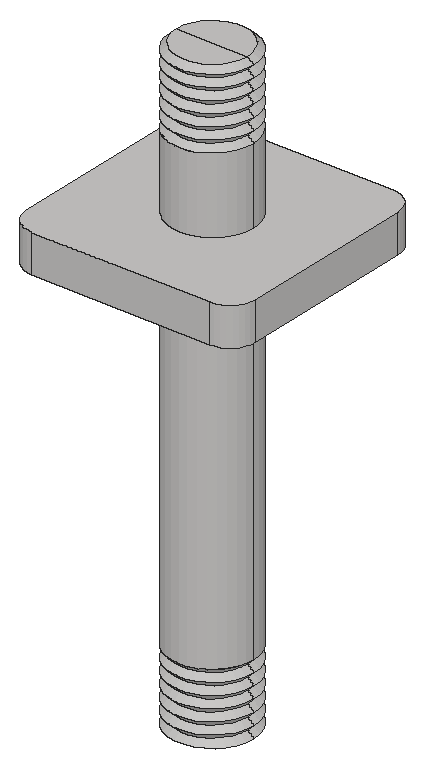
Revit family "CDS2852", category Plumbing Fixtures, Revit 2023
Family settings
  Round Connector Dimension = Use Diameter
  Part Type = Normal
  OmniClass Number = 23.45.00.00
  OmniClass Title = Sanitary, Laundry, and Cleaning Equipment
  Work Plane-Based = No
  Enable Cutting in Views = No
  Always vertical = Yes
  Cut with Voids When Loaded = No
  Maintain Annotation Orientation = No
  Shared = No
  Room Calculation Point = No
Parameters
  Default Elevation = 0"
Reference planes (in)
  plane 1 "Center (Front/Back)": y = 0
  plane 2: z = 0
  plane 3 "Center (Left/Right)": x = 0
  plane 4 "Center L/S": y = 6
  plane 5: z = 6
  plane 6: y = 0.92471
  plane 7: y = 3.17471
  plane 8: z = 4.51055
  plane 9: z = 4.13555
  plane 10 "Center L/V": x = 0.40625
  plane 11 "Center L/W": x = -0.40625
Forms (in)
  Extrusion 1, solid, material "STAINLESS STEEL"
    sketch origin (0, 0, 0) x (1, 0, 0) y (0, 1, 0)
      loop
        arc (-0.875, 3.17471) -> (-1.05178, 3.10149) -> (-1.125, 2.92471) r 0.25
        line (-1.125, 2.92471) -> (-1.125, 1.17471)
        arc (-1.125, 1.17471) -> (-1.05178, 0.99794) -> (-0.875, 0.92471) r 0.25
        line (-0.875, 0.92471) -> (0.875, 0.92471)
        arc (0.875, 0.92471) -> (1.05178, 0.99794) -> (1.125, 1.17471) r 0.25
        line (1.125, 1.17471) -> (1.125, 2.92471)
        arc (1.125, 2.92471) -> (1.05178, 3.10149) -> (0.875, 3.17471) r 0.25
        line (0.875, 3.17471) -> (-0.875, 3.17471)
    from 4.13555 to 4.51055
  Revolve 2, solid, material "STAINLESS STEEL"
    sketch origin (0, 2.04971, 0) x (1, 0, 0) y (0, 0, 1)
      loop
        line (0.34823, 6) -> (0, 6) -> (0, 0) -> (0.40625, 0) -> (0.34823, 0.05802) -> (0.40625, 0.11604) -> (0.34823, 0.17407) -> (0.40625, 0.23209) -> (0.34823, 0.29011) -> (0.40625, 0.34813) -> (0.34823, 0.40615) -> (0.40625, 0.46417) -> (0.34823, 0.5222) -> (0.40625, 0.58022) -> (0.34823, 0.63824) -> (0.40625, 0.69626) -> (0.40625, 5.25) -> (0.34823, 5.30802) -> (0.40625, 5.36604) -> (0.34823, 5.42407) -> (0.40625, 5.48209) -> (0.34823, 5.54011) -> (0.40625, 5.59813) -> (0.34823, 5.65615) -> (0.40625, 5.71417) -> (0.34823, 5.7722) -> (0.40625, 5.83022) -> (0.34823, 5.88824) -> (0.40625, 5.94626) -> (0.34823, 6)
      axis (0, 6) -> (0, 0)
    angle from 0 to 360
Lines and regions (in)
  symbolic lines
    curve 1: line (-3.37427, 0, -2.46295) -> (-3.37427, 0, -1.71295)
    curve 2: line (-3.37427, 0, -1.71295) -> (-0.40625, 0, 0.34813)
    curve 3: line (-3.46928, 0, 6) -> (-3.46928, 0, 5.60827)
    curve 4: line (-3.46928, 0, 5.60827) -> (-0.34823, 0, 5.42407)
Text (in)
  text "1/2-14 NPT\nTHREADED\nOUTLET" at (-4.56639, 0, -2.64096), in view "Front"
  text "1/2-14 NPT\nTHREADED\nOUTLET" at (-4.56639, 0, 7.85904), in view "Front"
Dimensions and locks (in)
  plane 5 to level = 6"
  Extrusion 1 to Extrusion 1 = 3/8"
  plane 11 "Center L/W" to plane 10 "Center L/V" = 13/16"
  aligned and locked: level to plane 2
